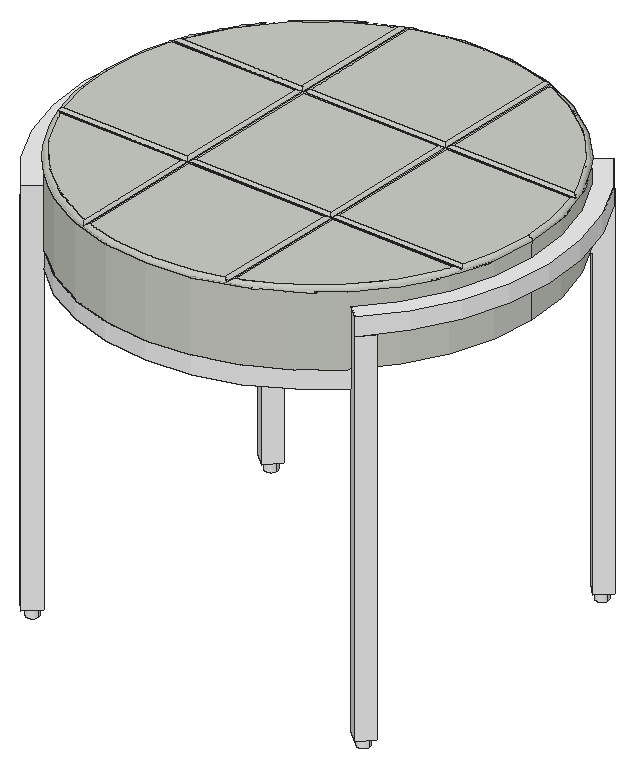
Revit family
Parameters
  Win = Width - 0' 1 1/2"  # 1' - 6 1/2"
  Width = 1' - 8"  # constant formula
  URL = "http://elanbydecca.com/"
  Upholstery [instance] = Furniture - DECCA (Elan) - Ethos - Upholstery
  RW-3/4 = Width / 2 - 0' 0 3/4"  # 0' - 9 1/4"
  RW-1 1/2 = Width / 2 - 0' 1 1/2"  # 0' - 8 1/2"
  RW = Width / 2  # 0' - 10"
  Base [instance] = Furniture - DECCA (Elan) - Ethos - Base
  Product URL = "http://elanbydecca.com/PDFs/elan_tearsheet-vertex.pdf"
  Model = "FT BE615"
  Manufacturer = "Decca Contract"
  Height = 1' - 5 1/2"  # constant formula
  Description = "Ethos, Bench"
  Depth = Width  # 1' - 8"
  Assembly Description = "Furniture & Accessories"
  Assembly Code = "E2020200"
Reference planes (in)
  plane 1 "Center Front/Back": y = -0.7524
  plane 2: z = 0
  plane 3 "Center Left/Right": x = 0
  plane 4 "L": x = -10
  plane 5 "R": x = 10
  plane 6 "F": y = -10.7524
  plane 7: y = 9.2476
  plane 8: through (-6.25338, 2.33237, 23.38953) normal (0.4297, -0.4297, 0.7941)
  plane 9 "ST": z = 17.5
  plane 10: z = 0.375
  plane 11: x = -9.25
  plane 12: x = 9.25
  plane 13: z = 16.75
  plane 14: z = 16
  plane 15: z = 13.57168
  plane 16: z = 14.32168
  plane 17: y = 8.4976
  plane 18: y = -10.0024
  plane 19: x = -0.375
  plane 20: x = 0.375
  plane 21: y = -6.91907
  plane 22: y = -3.83573
  plane 23: y = -0.7524
  plane 24: y = 2.33093
  plane 25: y = 5.41427
  plane 26: x = -6.16667
  plane 27: x = -3.08333
  plane 28: x = 0
  plane 29: x = 3.08333
  plane 30: x = 6.16667
Forms (in)
  Extrusion 1, solid, material "Furniture - DECCA (Elan) - Ethos - Base" <- "Base"
    sketch origin (0, 0, 17.5) x (-1, 0, 0) y (0, -1, 0)
      loop
        line (6.61751, -5.71065) -> (7.1753, -6.21288)
        arc (7.1753, -6.21288) -> (10, 0.7524) -> (7.1753, 7.71768) r 10
        line (7.1753, 7.71768) -> (6.61751, 7.21545)
        arc (6.61751, 7.21545) -> (9.25, 0.7524) -> (6.61751, -5.71065) r 9.25
      loop
        arc (-7.1753, 7.71768) -> (-10, 0.7524) -> (-7.1753, -6.21288) r 10
        line (-7.1753, -6.21288) -> (-6.61751, -5.71065)
        arc (-6.61751, -5.71065) -> (-9.25, 0.7524) -> (-6.61751, 7.21545) r 9.25
        line (-6.61751, 7.21545) -> (-7.1753, 7.71768)
    from -1.5 to -0.75
  Extrusion 2, solid, material "Furniture - DECCA (Elan) - Ethos - Base" <- "Base"
    sketch origin (0, 0, 17.5) x (-1, 0, 0) y (0, -1, 0)
      loop
        arc (-6.05966, -5.20835) -> (0, -7.7476) -> (6.05966, -5.20835) r 8.5
        line (6.05966, -5.20835) -> (0, 0.24779) -> (-6.05966, -5.20835)
      loop
        arc (-7.11936, -5.15329) -> (0, -8.4976) -> (7.11936, -5.15329) r 9.25
        line (7.11936, -5.15329) -> (0.56043, 0.7524) -> (7.11936, 6.65809)
        arc (7.11936, 6.65809) -> (0, 10.0024) -> (-7.11936, 6.65809) r 9.25
        line (-7.11936, 6.65809) -> (-0.56043, 0.7524) -> (-7.11936, -5.15329)
      loop
        arc (6.05966, 6.71315) -> (0, 9.2524) -> (-6.05966, 6.71315) r 8.5
        line (-6.05966, 6.71315) -> (0, 1.25701) -> (6.05966, 6.71315)
    from -3.92832 to -3.17832
  Extrusion 3, solid, material "Furniture - DECCA (Elan) - Ethos - Base" <- "Base"
    sketch origin (0, 0, 17.5) x (-1, 0, 0) y (0, -1, 0)
      loop
        circle (7.12737, 7.16992) r 0.25085
      loop
        circle (-7.12737, 7.16992) r 0.25085
      loop
        circle (7.12737, -5.66512) r 0.25085
      loop
        circle (-7.12737, -5.66512) r 0.25085
    from -17.5 to -17.125
  Extrusion 4, solid, material "Furniture - DECCA (Elan) - Ethos - Upholstery" <- "Upholstery"
    sketch origin (0, 0, 17.5) x (-1, 0, 0) y (0, -1, 0)
      loop
        circle (0, 0.7524) r 9.25
    from -3.17832 to 0
  Sweep 5, void
    path origin (0, 0, 17.5) x (-1, 0, 0) y (0, -1, 0)
      loop
        circle (0, 0.7524) r 9.25
    profile origin (0, -10.0024, 17.5) x (0, 1, 0) y (0, 0, 1)
      loop
        arc (0.1875, 0) -> (-0.13258, 0.13258) -> (0, -0.1875) r 0.1875
        arc (0, -0.1875) -> (0.05492, -0.05492) -> (0.1875, 0) r 0.1875
  Sweep 6, void
    path origin (-0.13561, -0.26667, 17.5) x (-1, 0, 0) y (0, -1, 0)
      loop
        line (10, -2.5976) -> (-10, -2.5976)
    profile origin (-0.13561, 2.33093, 17.5) x (0, 1, 0) y (0, 0, 1)
      loop
        arc (0.2207, 0) -> (0, 0.2207) -> (-0.2207, 0) r 0.2207
        line (-0.2207, 0) -> (-0.1796, 0)
        arc (-0.1796, 0) -> (-0.09086, -0.02233) -> (-0.02325, -0.08401) r 0.1875
        line (-0.02325, -0.08401) -> (0, -0.11914) -> (0.02325, -0.08401)
        arc (0.02325, -0.08401) -> (0.09086, -0.02233) -> (0.1796, 0) r 0.1875
        line (0.1796, 0) -> (0.2207, 0)
  Sweep 7, void
    path origin (-0.13561, -15.76667, 17.5) x (-1, 0, 0) y (0, -1, 0)
      loop
        line (10, -11.93093) -> (-10, -11.93093)
    profile origin (-0.13561, -3.83573, 17.5) x (0, 1, 0) y (0, 0, 1)
      loop
        arc (0.2207, 0) -> (0, 0.2207) -> (-0.2207, 0) r 0.2207
        line (-0.2207, 0) -> (-0.1796, 0)
        arc (-0.1796, 0) -> (-0.09086, -0.02233) -> (-0.02325, -0.08401) r 0.1875
        line (-0.02325, -0.08401) -> (0, -0.11914) -> (0.02325, -0.08401)
        arc (0.02325, -0.08401) -> (0.09086, -0.02233) -> (0.1796, 0) r 0.1875
        line (0.1796, 0) -> (0.2207, 0)
  Sweep 8, void
    path origin (-0.48573, -0.7524, 17.5) x (0, -1, 0) y (1, 0, 0)
      loop
        line (10, -2.5976) -> (-10, -2.5976)
    profile origin (-3.08333, -0.7524, 17.5) x (-1, 0, 0) y (0, 0, 1)
      loop
        arc (0.2207, 0) -> (0, 0.2207) -> (-0.2207, 0) r 0.2207
        line (-0.2207, 0) -> (-0.1796, 0)
        arc (-0.1796, 0) -> (-0.09086, -0.02233) -> (-0.02325, -0.08401) r 0.1875
        line (-0.02325, -0.08401) -> (0, -0.11914) -> (0.02325, -0.08401)
        arc (0.02325, -0.08401) -> (0.09086, -0.02233) -> (0.1796, 0) r 0.1875
        line (0.1796, 0) -> (0.2207, 0)
  Sweep 9, void
    path origin (19.68093, -0.7524, 17.5) x (0, -1, 0) y (1, 0, 0)
      loop
        line (10, -16.5976) -> (-10, -16.5976)
    profile origin (3.08333, -0.7524, 17.5) x (-1, 0, 0) y (0, 0, 1)
      loop
        arc (0.2207, 0) -> (0, 0.2207) -> (-0.2207, 0) r 0.2207
        line (-0.2207, 0) -> (-0.1796, 0)
        arc (-0.1796, 0) -> (-0.09086, -0.02233) -> (-0.02325, -0.08401) r 0.1875
        line (-0.02325, -0.08401) -> (0, -0.11914) -> (0.02325, -0.08401)
        arc (0.02325, -0.08401) -> (0.09086, -0.02233) -> (0.1796, 0) r 0.1875
        line (0.1796, 0) -> (0.2207, 0)
  Extrusion 10, solid, material "Furniture - DECCA (Elan) - Ethos - Base" <- "Base"
    sketch origin (0, 0, 17.5) x (-1, 0, 0) y (0, -1, 0)
      loop
        arc (7.1753, -6.21288) -> (7.43145, -5.93891) -> (7.67715, -5.65552) r 10
        line (7.67715, -5.65552) -> (7.11936, -5.15329)
        arc (7.11936, -5.15329) -> (6.87409, -5.43706) -> (6.61751, -5.71065) r 9.25
        line (6.61751, -5.71065) -> (7.1753, -6.21288)
      loop
        line (-7.1753, -6.21288) -> (-6.61751, -5.71065)
        arc (-6.61751, -5.71065) -> (-6.87409, -5.43706) -> (-7.11936, -5.15329) r 9.25
        line (-7.11936, -5.15329) -> (-7.67715, -5.65552)
        arc (-7.67715, -5.65552) -> (-7.43145, -5.93891) -> (-7.1753, -6.21288) r 10
      loop
        line (7.1753, 7.71768) -> (6.61751, 7.21545)
        arc (6.61751, 7.21545) -> (6.87409, 6.94186) -> (7.11936, 6.65809) r 9.25
        line (7.11936, 6.65809) -> (7.67715, 7.16032)
        arc (7.67715, 7.16032) -> (7.43145, 7.44371) -> (7.1753, 7.71768) r 10
      loop
        arc (-7.1753, 7.71768) -> (-7.43145, 7.44371) -> (-7.67715, 7.16032) r 10
        line (-7.67715, 7.16032) -> (-7.11936, 6.65809)
        arc (-7.11936, 6.65809) -> (-6.87409, 6.94186) -> (-6.61751, 7.21545) r 9.25
        line (-6.61751, 7.21545) -> (-7.1753, 7.71768)
    from -17.125 to -1.5
Cuts and joins
  joined: Extrusion 1, Extrusion 2, Extrusion 3, Extrusion 10
  Sweep 5, Sweep 6, Sweep 7, Sweep 8, Sweep 9 cuts Extrusion 4
Dimensions and locks (in)
  equal spacing: plane 4 "L", plane 3 "Center Left/Right", plane 5 "R"
  equal spacing: plane 7, plane 1 "Center Front/Back", plane 6 "F"
  "Width": plane 4 "L" to plane 5 "R"
  "Depth": plane 7 to plane 6 "F"
  "Height": plane 9 "ST" to level
  locked: plane 4 "L" to plane 11 at 0.75
  locked: plane 12 to plane 5 "R" at 0.75
  locked: plane 7 to plane 17 at 0.75
  locked: plane 18 to plane 6 "F" at 0.75
  plane 19 to plane 3 "Center Left/Right" to plane 20 = 0' - 0 3/8" locked, 0' - 0 3/8" locked
  "Win": Extrusion 2 sketch curve to Extrusion 2 sketch curve  (x2)
  equal spacing: plane 18, plane 21, plane 22, plane 23, plane 24, plane 25, plane 17
  equal spacing: plane 11, plane 26, plane 27, plane 28, plane 29, plane 30, plane 12
  "RW": radius of Extrusion 1 sketch curve  (x2)
  "RW-3/4": radius of Extrusion 1 sketch curve  (x2)
  "RW-3/4": radius of Extrusion 4 sketch curve
  aligned and locked: Extrusion 1 to plane 14
  aligned and locked: plane 13 to Extrusion 1
  aligned and locked: Extrusion 2 to plane 15
  aligned and locked: plane 16 to Extrusion 2
  aligned and locked: Extrusion 3 to level
  aligned and locked: plane 10 to Extrusion 3
  aligned and locked: Extrusion 4 to plane 16
  aligned and locked: plane 9 "ST" to Extrusion 4
  aligned and locked: profile plane to Sweep 6 sketch curve  (x2)
  aligned and locked: profile plane to Sweep 7 sketch curve  (x2)
  aligned and locked: profile plane to Sweep 8 sketch curve  (x2)
  aligned and locked: profile plane to Sweep 9 sketch curve  (x2)
  aligned and locked: Extrusion 10 sketch curve to cut or joined group of Extrusion 1, Extrusion 2, Extrusion 3, Extrusion 10  (x3)
  aligned and locked: Extrusion 10 to plane 10
Automatic sketch dimensions
  plane 1 "Center Front/Back" to Extrusion 4 sketch curve = 0' - 0"
  Extrusion 4 sketch curve to plane 3 "Center Left/Right" = 0' - 0"
  Sweep 5 sketch curve to profile plane = 0' - 0"  (x2)
  Sweep 5 sketch curve to Sweep 5 sketch curve = 0' - 0 3/16"
  plane 24 to Sweep 6 sketch curve = 0' - 0"
  plane 5 "R" to Sweep 6 sketch curve = 0' - 0.13561"
  Sweep 6 sketch curve to plane 4 "L" = 0' - 0.13561"
  Sweep 6 sketch curve to profile plane = 0' - 0"  (x2)
  profile plane to Sweep 6 sketch curve = 0' - 0.02325"
  profile plane to Sweep 6 sketch curve = 0' - 0.1796"
  Sweep 6 sketch curve to Sweep 6 sketch curve = 0' - 0.0411"  (x2)
  Sweep 6 sketch curve to profile plane = 0' - 0.02325"
  Sweep 6 sketch curve to plane 9 "ST" = 0' - 0.08401"
  Sweep 6 sketch curve to Sweep 6 sketch curve = 0' - 0"
  Sweep 6 sketch curve to Sweep 6 sketch curve = 0' - 0.03513"
  plane 22 to Sweep 7 sketch curve = 0' - 0"
  plane 5 "R" to Sweep 7 sketch curve = 0' - 0.13561"
  Sweep 7 sketch curve to plane 4 "L" = 0' - 0.13561"
  Sweep 7 sketch curve to profile plane = 0' - 0"  (x2)
  profile plane to Sweep 7 sketch curve = 0' - 0.02325"
  profile plane to Sweep 7 sketch curve = 0' - 0.1796"
  Sweep 7 sketch curve to Sweep 7 sketch curve = 0' - 0.0411"  (x2)
  Sweep 7 sketch curve to profile plane = 0' - 0.02325"
  Sweep 7 sketch curve to plane 9 "ST" = 0' - 0.08401"
  Sweep 7 sketch curve to Sweep 7 sketch curve = 0' - 0"
  Sweep 7 sketch curve to Sweep 7 sketch curve = 0' - 0.03513"
  Sweep 8 sketch curve to plane 7 = 0' - 0"
  Sweep 8 sketch curve to plane 6 "F" = 0' - 0"
  Sweep 8 sketch curve to plane 27 = 0' - 0"
  Sweep 8 sketch curve to profile plane = 0' - 0"  (x2)
  profile plane to Sweep 8 sketch curve = 0' - 0.02325"
  profile plane to Sweep 8 sketch curve = 0' - 0.1796"
  Sweep 8 sketch curve to Sweep 8 sketch curve = 0' - 0.0411"  (x2)
  Sweep 8 sketch curve to profile plane = 0' - 0.02325"
  Sweep 8 sketch curve to plane 9 "ST" = 0' - 0.08401"
  Sweep 8 sketch curve to Sweep 8 sketch curve = 0' - 0"
  Sweep 8 sketch curve to Sweep 8 sketch curve = 0' - 0.03513"
  Sweep 9 sketch curve to plane 7 = 0' - 0"
  Sweep 9 sketch curve to plane 6 "F" = 0' - 0"
  Sweep 9 sketch curve to plane 29 = 0' - 0"
  Sweep 9 sketch curve to profile plane = 0' - 0"  (x2)
  profile plane to Sweep 9 sketch curve = 0' - 0.02325"
  profile plane to Sweep 9 sketch curve = 0' - 0.1796"
  Sweep 9 sketch curve to Sweep 9 sketch curve = 0' - 0.0411"  (x2)
  Sweep 9 sketch curve to profile plane = 0' - 0.02325"
  Sweep 9 sketch curve to plane 9 "ST" = 0' - 0.08401"
  Sweep 9 sketch curve to Sweep 9 sketch curve = 0' - 0"
  Sweep 9 sketch curve to Sweep 9 sketch curve = 0' - 0.03513"
  Extrusion 2 sketch curve to Extrusion 2 sketch curve = 0' - 0"  (x12)
  plane 1 "Center Front/Back" to Extrusion 2 sketch curve = 0' - 0"  (x3)
  Extrusion 2 sketch curve to plane 3 "Center Left/Right" = 0' - 0"  (x3)
  Extrusion 2 sketch curve to plane 20 = 0' - 0.18543"
  Extrusion 2 sketch curve to plane 30 = 0' - 0.10701"  (x2)
  Extrusion 2 sketch curve to plane 21 = 0' - 0.26098"  (x2)
  plane 30 to Extrusion 2 sketch curve = 0' - 0.9527"
  plane 25 to Extrusion 2 sketch curve = 0' - 0.26098"  (x2)
  Extrusion 2 sketch curve to plane 19 = 0' - 0.18543"
  plane 26 to Extrusion 2 sketch curve = 0' - 0.10701"  (x2)
  plane 25 to Extrusion 2 sketch curve = 0' - 0.20591"
  Extrusion 2 sketch curve to Extrusion 2 sketch curve = 0' - 0.50461"
  plane 1 "Center Front/Back" to Extrusion 2 sketch curve = 0' - 0.50461"
  Extrusion 2 sketch curve to plane 21 = 0' - 0.20591"
  Extrusion 1 sketch curve to Extrusion 1 sketch curve = 0' - 0"  (x6)
  plane 1 "Center Front/Back" to Extrusion 1 sketch curve = 0' - 0"
  Extrusion 1 sketch curve to plane 3 "Center Left/Right" = 0' - 0"
  plane 21 to Extrusion 1 sketch curve = 0' - 0.29638"  (x2)
  Extrusion 1 sketch curve to plane 25 = 0' - 0.29638"  (x2)
  Extrusion 1 sketch curve to Extrusion 1 sketch curve = 0' - 0.55778"  (x4)
  Extrusion 10 sketch curve to Extrusion 10 sketch curve = 0' - 0"  (x12)
  plane 30 to Extrusion 10 sketch curve = 0' - 0.45085"  (x2)
  plane 25 to Extrusion 10 sketch curve = 0' - 0.26098"  (x2)
  Extrusion 10 sketch curve to Extrusion 10 sketch curve = 0' - 0.50185"  (x6)
  Extrusion 10 sketch curve to plane 21 = 0' - 0.26098"  (x2)
  Extrusion 10 sketch curve to Extrusion 10 sketch curve = 0' - 0.55778"  (x3)
  plane 21 to Extrusion 10 sketch curve = 0' - 0.24125"  (x2)
  Extrusion 10 sketch curve to plane 25 = 0' - 0.24125"  (x2)
  Extrusion 10 sketch curve to plane 26 = 0' - 0.45085"
  plane 21 to Extrusion 3 sketch curve = 0' - 0.25085"  (x2)
  plane 30 to Extrusion 3 sketch curve = 0' - 0.96071"  (x2)
  Extrusion 3 sketch curve to plane 25 = 0' - 0.25085"  (x2)
  Extrusion 3 sketch curve to plane 26 = 0' - 0.96071"  (x2)
  radius of Sweep 5 sketch curve to Extrusion 4 = 0' - 0"
  radius of Extrusion 3 sketch curve = 0' - 0.25085"  (x4)
